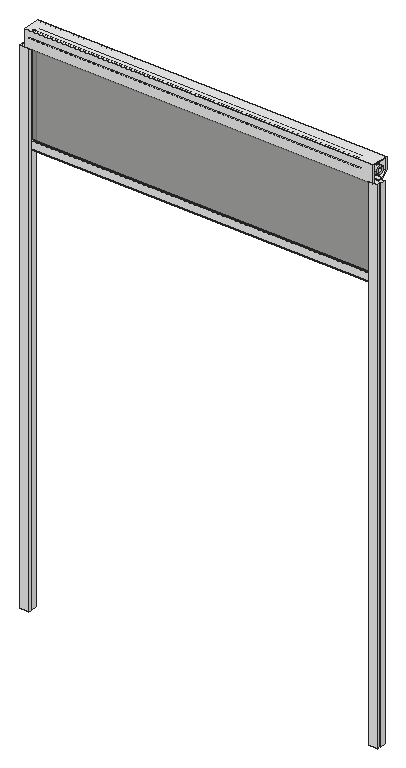
Revit family "heroal VS Z - Partly Integrated - Multi-Part - Middle Component", category Fenster, Revit 2017
Family settings
  OmniClass-Nummer = 23.30.60.11.11.17.14
  OmniClass-Titel = Powered Awnings
  Arbeitsebenenbasiert = Ja
  Immer vertikal = Nein
  Beim Laden mit Abzugskörper schneiden = Nein
  Gemeinsam genutzt = Nein
  Raumberechnungspunkt = Nein
Parameters (values of type "Middle Component")
  Wind Load Resistance DIN EN 13561 = "6"  # constant formula
  Width [instance] = 2007.5 mm
  URL = "http://www.heroal.com"
  Track [instance] = heroal Aluminium
  Textile Length [instance] = 500 mm
  Textile [instance] = heroal 3961_Linnen
  Summer heat protection [Gtot] = "0,06-0,25"  # constant formula
  Right Post [instance] = yes
  Modell = "heroal VS-Z Shading Systems, Partly Integrated"  # constant formula
  Max Width = "max. 5 metres"  # constant formula
  Max Height = "max. 3 metres"  # constant formula
  Material = "fibreglass/PVC/polyester"  # constant formula
  Hersteller = "heroal"  # constant formula
  Light transmission level DIN EN 40010 = "3-20"  # constant formula
  Left Post [instance] = yes
  Height [instance] = 3000 mm
  Enclosure [instance] = heroal Aluminium
  Edition number = 1
  Beschreibung = "heroal VS-Z Shading Systems"  # constant formula
  Default Elevation = 1219.2 mm
  Cover Type 3 = Cover : FME HC
  Cover Type 2 = Cover : FME 90°
  Cover Type 1 = Cover : FME 45°
  Cover Type [instance] = Cover : FME 45°
  Cover FME HC [instance] = Cover Type = Cover Type 3  # no
  Cover FME 90° [instance] = Cover Type = Cover Type 2  # no
  Cover FME 45° [instance] = Cover Type = Cover Type 1  # yes
  Copyright = "© heroal. Technical changes reserved."  # constant formula
  Class according to DIN EN 14501 = "2-4"  # constant formula
  Ballproof DIN EN 18032-3 = "Requirement fulfilled"  # constant formula
  Baugruppenkennzeichen = "B2020110"
  Analytische Konstruktion = "<None>"
Reference planes
  plane 1 "Back": y = 74.825
  plane 2: z = 0
  plane 3 "Center (Left/Right)": x = 0
  plane 4 "Top": z = 3000
  plane 5: z = 2905
  plane 6 "Cover Front": y = 196.428
  plane 7 "Axis Left": x = -1003.75
  plane 8 "Axis Right": x = 1003.75
  plane 9: z = 2953.197
  plane 10 "Cover Axis": y = 149.675
  plane 11: z = 2879.419
  plane 12 "Bottom Textile": z = 2379.419
  plane 13 "Axis Textile": y = 117.375
  plane 14 "Textile Left": x = -980.14
  plane 15 "Textile Right": x = 980.14
  plane 16 "Cover Back": y = 101.478
Forms (mm)
  Extrusion 1, solid, detail levels medium+fine
    sketch origin (0, 0, 0) x (0, 1, 0) y (0, 0, 1)
      loop
        circle (149.675, 2953.197) r 17.427
      loop
        circle (149.675, 2953.197) r 22.406
    from -1003.75 to 1003.75
  Sweep 2, solid
    path origin (0, 0, 0) x (1, 0, 0) y (0, 1, 0)
      loop
        line (-970.041, 149.675) -> (970.041, 149.675)
    profile "heroal Profile_VS-Z : heroal Profile_VS-Z" origin (0, 149.675, 0) x (0, 1, 0) y (0, 0, 1)
      loop
        circle (0, 2953.197) r 30.808
      loop
        line (-33.808, 2953.197) -> (-33.808, 2430.5) -> (-40.419, 2430.5) -> (-40.419, 2386.47) -> (-33.274, 2386.47) -> (-35.999, 2379.4) -> (-26.838, 2379.4) -> (-29.563, 2386.47) -> (-22.419, 2386.47) -> (-22.419, 2423.168) -> (-25.123, 2423.168)
        arc (-25.123, 2423.168) -> (-25.965, 2427.597) -> (-29.386, 2430.533) r 6.821
        line (-29.386, 2430.533) -> (-30.792, 2430.533) -> (-30.792, 2939.239)
        arc (-30.792, 2939.239) -> (33.045, 2960.337) -> (-33.808, 2953.197) r 33.808
  Sweep 3, solid, material "heroal Aluminium" <- "Track", visible <- "Right Post"
    path origin (0, 74.825, 0) x (1, 0, 0) y (0, 0, 1)
      loop
        line (1003.75, 0) -> (1003.75, 2905)
    profile "heroal Profile Center : heroal Profile Center" origin (1003.75, 74.825, 1452.5) x (-1, 0, 0) y (0, -1, 0)
      loop
        line (-25.006, -78.65) -> (25.006, -78.65) -> (25.006, -48.25) -> (20.006, -48.25) -> (20.006, -38.4) -> (25.006, -38.4) -> (25.006, -26.05) -> (-25.006, -26.05) -> (-25.006, -38.4) -> (-20.006, -38.4) -> (-20.006, -48.25) -> (-25.006, -48.25) -> (-25.006, -78.65)
  Sweep 4, solid, material "heroal Aluminium" <- "Track", visible <- "Left Post"
    path origin (0, 74.825, 0) x (1, 0, 0) y (0, 0, 1)
      loop
        line (-1003.75, 0) -> (-1003.75, 2905)
    profile "heroal Profile Center : heroal Profile Center" origin (-1003.75, 74.825, 1452.5) x (-1, 0, 0) y (0, -1, 0)
      loop
        line (-25.006, -78.65) -> (25.006, -78.65) -> (25.006, -48.25) -> (20.006, -48.25) -> (20.006, -38.4) -> (25.006, -38.4) -> (25.006, -26.05) -> (-25.006, -26.05) -> (-25.006, -38.4) -> (-20.006, -38.4) -> (-20.006, -48.25) -> (-25.006, -48.25) -> (-25.006, -78.65)
  Sweep 5, solid, material "heroal Aluminium" <- "Enclosure", visible <- "Cover FME 45°"
    path origin (0, 0, 3000) x (-1, 0, 0) y (0, -1, 0)
      loop
        line (1003.75, -101.478) -> (-1003.75, -101.478)
    profile "heroal Profile FME 45 : heroal Profile FME 45" origin (0, 101.478, 3000) x (0, 1, 0) y (0, 0, 1)
      loop
        line (94.95, 0) -> (0, 0) -> (0, -95) -> (1.593, -95) -> (1.593, -1.593) -> (93.556, -1.593) -> (93.556, -66.689) -> (67.386, -92.859) -> (37.193, -92.859) -> (37.193, -95) -> (41.177, -95) -> (41.177, -101.224) -> (42.67, -101.224) -> (42.67, -95) -> (67.715, -95) -> (94.95, -67.765) -> (94.95, 0)
  Sweep 6, solid, material "heroal Aluminium" <- "Enclosure", visible <- "Cover FME 90°"
    path origin (0, 200, 3000) x (-1, 0, 0) y (0, -1, 0)
      loop
        line (1003.75, 98.522) -> (-1003.75, 98.522)
    profile "heroal Profile FME 90 : heroal Profile FME 90" origin (0, 101.478, 3000) x (0, 1, 0) y (0, 0, 1)
      loop
        line (94.95, 0) -> (0, 0) -> (0, -95) -> (1.593, -95) -> (1.593, -1.593) -> (93.556, -1.593) -> (93.556, -92.859) -> (37.193, -92.859) -> (37.193, -95) -> (41.177, -95) -> (41.177, -101.224) -> (42.67, -101.224) -> (42.67, -95) -> (94.95, -95) -> (94.95, 0)
  Sweep 7, solid, material "heroal Aluminium" <- "Enclosure", visible <- "Cover FME HC"
    path origin (0, 400, 3000) x (-1, 0, 0) y (0, -1, 0)
      loop
        line (1003.75, 298.522) -> (-1003.75, 298.522)
    profile "heroal Profile FME HR : heroal Profile FME HR" origin (0, 101.478, 3000) x (0, 1, 0) y (0, 0, 1)
      loop
        line (47.475, 0) -> (0, 0) -> (0, -95) -> (1.593, -95) -> (1.593, -1.593) -> (47.475, -1.593)
        arc (47.475, -1.593) -> (93.25, -44.113) -> (54.232, -92.9) r 45.9
        line (54.232, -92.9) -> (37.193, -92.9) -> (37.193, -95) -> (41.177, -95) -> (41.177, -101.224) -> (42.67, -101.224) -> (42.67, -95) -> (47.475, -95)
        arc (47.475, -95) -> (94.975, -47.5) -> (47.475, 0) r 47.5
Lines and regions (mm)
  model lines, style "InvisibleLines"
    curve 1: line (-980.14, 117.375, 2379.419) -> (980.14, 117.375, 2379.419)
    curve 8: line (0, 74.825, 0) -> (0, 74.825, 3000)
  symbolic lines, style "WindowsHiddenLines"
    curve 2: line (1003.75, 101.478, 0) -> (-1003.75, 101.478, 0)
    curve 3: line (-1003.75, 196.428, 0) -> (-1003.75, 101.478, 0)
    curve 4: line (1003.75, 196.428, 0) -> (1003.75, 101.478, 0)
    curve 5: line (1003.75, 196.428, 0) -> (-1003.75, 196.428, 0)
  symbolic lines, style "WindowsHiddenLines", detail levels medium+fine
    curve 6: line (980.14, 123.075, 0) -> (-980.14, 123.075, 0)
    curve 7: line (980.14, 113.225, 0) -> (-980.14, 113.225, 0)
Dimensions and locks
  "Height": plane 4 "Top" to plane 2
  equal spacing: plane 7 "Axis Left", plane 3 "Center (Left/Right)", plane 8 "Axis Right"
  "Width": plane 7 "Axis Left" to plane 8 "Axis Right"
  plane 4 "Top" to plane 9 to plane 5 = 46.803 mm locked, 48.197 mm locked
  plane 5 to plane 11 = 25.581 mm
  "Textile Length": plane 11 to plane 12 "Bottom Textile"
  "Textile Length": plane 11 to curve 1
  plane 6 "Cover Front" to plane 10 "Cover Axis" to plane 13 "Axis Textile" to plane 16 "Cover Back" to plane 1 "Back" = 46.753 mm locked, 32.3 mm locked, 15.897 mm locked, 26.653 mm locked
  locked: plane 15 "Textile Right" to plane 8 "Axis Right" at 23.61
  locked: plane 7 "Axis Left" to plane 14 "Textile Left" at 23.61
  aligned and locked: level to plane 2
  aligned and locked: Extrusion 1 to plane 7 "Axis Left"
  aligned and locked: plane 8 "Axis Right" to Extrusion 1
  aligned and locked: Sweep 2 sketch curve to plane 10 "Cover Axis"
  aligned and locked: plane 13 "Axis Textile" to curve 1
  aligned and locked: plane 14 "Textile Left" to curve 1
  aligned and locked: plane 15 "Textile Right" to curve 1
  aligned and locked: plane 2 to Sweep 3 sketch curve
  aligned and locked: plane 5 to Sweep 3 sketch curve
  aligned and locked: plane 5 to Sweep 4 sketch curve
  aligned and locked: plane 2 to Sweep 4 sketch curve
  aligned and locked: curve 2 to plane 16 "Cover Back"
  aligned and locked: curve 5 to plane 6 "Cover Front"
  aligned and locked: plane 14 "Textile Left" to curve 6
  aligned and locked: plane 15 "Textile Right" to curve 6
  aligned and locked: nested 1 to plane 4 "Top"
  aligned and locked: nested 1 to plane 16 "Cover Back"
  aligned and locked: plane 16 "Cover Back" to Sweep 5 sketch curve
  aligned and locked: plane 16 "Cover Back" to Sweep 6 sketch curve
  aligned and locked: plane 16 "Cover Back" to Sweep 7 sketch curve
  aligned and locked: plane 8 "Axis Right" to Sweep 3 sketch curve
  aligned and locked: plane 8 "Axis Right" to curve 4
  aligned and locked: plane 8 "Axis Right" to Sweep 7 sketch curve
  aligned and locked: plane 8 "Axis Right" to Sweep 6 sketch curve
  aligned and locked: plane 8 "Axis Right" to Sweep 5 sketch curve
  aligned and locked: Sweep 4 sketch curve to plane 7 "Axis Left"
  aligned and locked: plane 7 "Axis Left" to Sweep 6 sketch curve
  aligned and locked: curve 3 to plane 7 "Axis Left"
  aligned and locked: plane 7 "Axis Left" to Sweep 5 sketch curve
  aligned and locked: plane 7 "Axis Left" to Sweep 7 sketch curve
  aligned and locked: plane 4 "Top" to curve 8
  aligned and locked: plane 2 to curve 8
  aligned and locked: curve 8 to plane 3 "Center (Left/Right)"
  aligned and locked: plane 7 "Axis Left" to nested 2
  aligned and locked: plane 1 "Back" to nested 2
  aligned and locked: nested 3 to plane 8 "Axis Right"
  aligned and locked: nested 3 to plane 1 "Back"
Automatic sketch dimensions
  curve 7 to plane 14 "Textile Left" = 0 mm
  curve 7 to plane 15 "Textile Right" = 0 mm
  plane 13 "Axis Textile" to curve 7 = 4.15 mm
  Extrusion 1 sketch curve to Extrusion 1 sketch curve = 0 mm  (x2)
  Extrusion 1 sketch curve to plane 9 = 0 mm
  Extrusion 1 sketch curve to plane 10 "Cover Axis" = 0 mm
  plane 15 "Textile Right" to Sweep 2 sketch curve = 10.099 mm
  curve 6 to plane 13 "Axis Textile" = 5.7 mm
  plane 14 "Textile Left" to Sweep 2 sketch curve = 10.099 mm
  radius of Extrusion 1 sketch curve = 17.427 mm
  radius of Extrusion 1 sketch curve = 22.406 mm
Nested families
  nested 1: "heroal 2D VS-Z Section" at (0, 101.478, 3000) x (0, 1, 0) z (1, 0, 0), FME 45° <- "Cover FME 45°", FME 90° <- "Cover FME 90°", FME HC <- "Cover FME HC", type "heroal 2D VS-Z Section"
    with FME HC no, FME 90° no, FME 45° yes
  nested 2: "heroal 2D Detail C 50 Partly Integrated" at (-1003.75, 74.825, 3000), visible <- "Left Post", type "heroal 2D Detail C 50 Partly Integrated"
  nested 3: "heroal 2D Detail C 50 Partly Integrated" at (1003.75, 74.825, 3000) x (-1, 0, 0) z (0, 0, 1), visible <- "Right Post", type "heroal 2D Detail C 50 Partly Integrated"
Definition of nested family "heroal 2D VS-Z Section"
  Parameters (values of type "heroal VS-Z Section")
    FME HC [instance] = yes
    FME 90° [instance] = yes
    FME 45° [instance] = yes
  Reference planes
    plane 1 "Center (Front/Back)": y = 0
    plane 2: z = 0
    plane 3 "Center (Left/Right)": x = 0
  Lines and regions (mm)
    Filled region 1, type "Solid Fill - Grey", in view "Ref. Level", detail levels medium+fine
      outline origin (0, 0, 0) x (1, 0, 0) y (0, 1, 0)
        loop
          circle (48.197, -46.803) r 22.406
        loop
          circle (48.197, -46.803) r 17.427
    Masking region 1, in view "Ref. Level", visible <- "FME 45°"
      outline origin (0, 0, 0) x (1, 0, 0) y (0, 1, 0)
        loop
          line (0, 0) -> (0, -95) -> (14.389, -95) -> (17.405, -95) -> (41.177, -95) -> (41.177, -101.224) -> (42.67, -101.224) -> (42.67, -95) -> (67.715, -95) -> (94.95, -67.765) -> (94.95, 0) -> (0, 0)
    Masking region 2, in view "Ref. Level", visible <- "FME 90°"
      outline origin (0, 0, 0) x (1, 0, 0) y (0, 1, 0)
        loop
          line (0, 0) -> (0, -95) -> (14.389, -95) -> (17.405, -95) -> (41.177, -95) -> (41.177, -101.224) -> (42.67, -101.224) -> (42.67, -95) -> (94.95, -95) -> (94.95, 0) -> (0, 0)
    Masking region 3, in view "Ref. Level", visible <- "FME HC"
      outline origin (0, 0, 0) x (1, 0, 0) y (0, 1, 0)
        loop
          line (0, 0) -> (0, -95) -> (14.389, -95) -> (17.405, -95) -> (41.177, -95) -> (41.177, -101.224) -> (42.67, -101.224) -> (42.67, -95) -> (47.475, -95)
          arc (47.475, -95) -> (94.975, -47.5) -> (47.475, 0) r 47.5
          line (47.475, 0) -> (0, 0)
    detail lines, in view "Ref. Level", detail levels coarse+medium
      curve 1: circle (48.197, -46.803, 0) r 33.808 normal (0, 0, 1)
      curve 4: line (14.389, -95, 0) -> (14.389, -46.803, 0)
      curve 5: line (17.405, -95, 0) -> (17.405, -60.761, 0)
      curve 6: circle (48.197, -46.803, 0) r 30.808 normal (0, 0, 1)
    detail lines, in view "Ref. Level"
      curve 2: line (38.197, -46.803, 0) -> (58.197, -46.803, 0)
      curve 3: line (48.197, -56.803, 0) -> (48.197, -36.803, 0)
    detail lines, in view "Ref. Level", visible <- "FME 45°", detail levels medium+fine
      curve 7: line (37.193, -92.859, 0) -> (66.886, -92.859, 0)
      curve 8: line (66.886, -92.859, 0) -> (92.85, -66.895, 0)
      curve 9: line (92.85, -66.895, 0) -> (92.85, -2.1, 0)
      curve 10: line (92.85, -2.1, 0) -> (2.1, -2.1, 0)
      curve 11: line (2.1, -2.1, 0) -> (2.1, -95, 0)
    detail lines, in view "Ref. Level", visible <- "FME 90°", detail levels medium+fine
      curve 12: line (37.193, -92.859, 0) -> (92.85, -92.859, 0)
      curve 13: line (92.85, -2.141, 0) -> (92.85, -92.859, 0)
      curve 14: line (37.193, -92.859, 0) -> (37.193, -95, 0)
      curve 15: line (2.1, -2.141, 0) -> (2.1, -95, 0)
      curve 16: line (2.1, -2.141, 0) -> (92.85, -2.141, 0)
    detail lines, in view "Ref. Level", visible <- "FME HC", detail levels medium+fine
      curve 17: line (37.193, -92.859, 0) -> (49.404, -92.859, 0)
      curve 18: line (37.193, -92.859, 0) -> (37.193, -95, 0)
      curve 19: line (2.1, -2.141, 0) -> (2.1, -95, 0)
      curve 20: line (2.1, -2.141, 0) -> (49.404, -2.141, 0)
      curve 21: arc (49.404, -92.859, 0) -> (92.875, -47.5, 0) -> (49.404, -2.141, 0) r 45.4
Definition of nested family "heroal 2D Detail C 50 Partly Integrated"
  Reference planes
    plane 1 "Center (Front/Back)": y = 0
    plane 2: z = 0
    plane 3 "Center (Left/Right)": x = 0
  Lines and regions (mm)
    Masking region 1, in view "Ref. Level", detail levels coarse
      outline origin (0, 0, 0) x (1, 0, 0) y (0, 1, 0)
        loop
          line (-25.012, 78.65) -> (-25.012, 0) -> (25, 0) -> (25, 78.65) -> (-25.012, 78.65)
    Masking region 2, in view "Ref. Level", detail levels medium
      outline origin (0, 0, 0) x (1, 0, 0) y (0, 1, 0)
        loop
          line (-25.012, 78.65) -> (-25.012, 48.25) -> (-20.012, 48.25) -> (-20.012, 38.4) -> (-25.012, 38.4) -> (-25.012, 0) -> (25, 0) -> (25, 38.4) -> (20, 38.4) -> (20, 48.25) -> (25, 48.25) -> (25, 78.65) -> (-25.012, 78.65)
    Masking region 3, in view "Ref. Level", detail levels fine
      outline origin (0, 0, 0) x (1, 0, 0) y (0, 1, 0)
        loop
          line (-25.012, 78.65) -> (-25.012, 48.25) -> (-20.012, 48.25) -> (-20.012, 38.4) -> (-25.012, 38.4) -> (-25.012, 6) -> (-25.012, 0) -> (25, 0) -> (25, 6) -> (25, 38.4) -> (20, 38.4) -> (20, 48.25) -> (25, 48.25) -> (25, 78.65) -> (-25.012, 78.65)
    detail lines, in view "Ref. Level", detail levels medium
      curve 1: line (-25.012, 6, 0) -> (25, 6, 0)
      curve 2: line (-25.012, 31, 0) -> (-8.267, 31, 0)
      curve 3: line (-8.267, 31, 0) -> (-8.267, 34.9, 0)
      curve 4: line (-8.267, 34.9, 0) -> (8.233, 34.9, 0)
      curve 5: line (8.233, 34.9, 0) -> (8.233, 31, 0)
      curve 6: line (8.233, 31, 0) -> (25, 31, 0)
      curve 7: line (-25.012, 63.4, 0) -> (25, 63.4, 0)
      curve 8: line (-25.012, 54.5, 0) -> (-6.192, 54.5, 0)
      curve 9: line (6.169, 54.5, 0) -> (25, 54.5, 0)
      curve 10: line (8.662, 54.5, 0) -> (8.662, 63.4, 0)
      curve 11: line (-6.192, 34.9, 0) -> (-6.192, 54.5, 0)
      curve 12: line (6.169, 34.9, 0) -> (6.169, 54.5, 0)
      curve 13: line (-8.662, 54.5, 0) -> (-8.662, 63.4, 0)
      curve 14: line (-14.488, 11.7, 0) -> (-25.012, 11.7, 0)
      curve 15: line (-14.488, 11.7, 0) -> (-12.417, 12.8, 0)
      curve 16: line (-12.417, 12.8, 0) -> (12.383, 12.8, 0)
      curve 17: line (12.383, 12.8, 0) -> (14.454, 11.7, 0)
      curve 18: line (14.454, 11.7, 0) -> (25, 11.7, 0)
